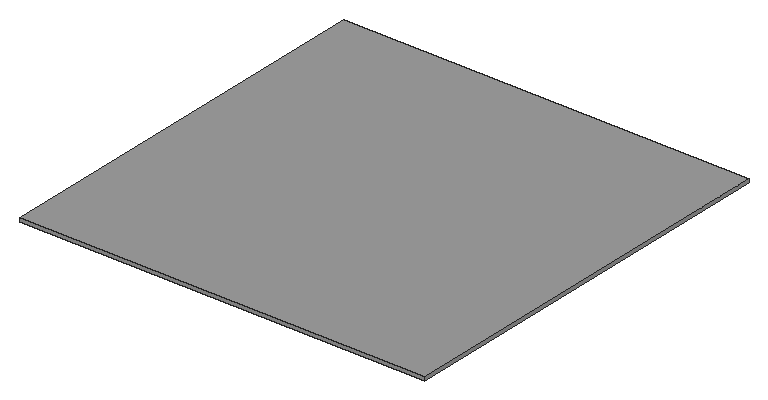
Revit family "WM-MN Suspended Ceiling 35mm Family", category Generic Models, host Ceiling, Revit 2017
Family settings
  Host = Ceiling
  Can host rebar = No
  Round Connector Dimension = Use Diameter
  Part Type = Normal
  Always vertical = Yes
  Cut with Voids When Loaded = No
  Shared = No
  Room Calculation Point = No
Parameters (values of type "Lambdaboard")
  Width = 4000 mm
  URL = "www.rigifoam.com"
  Type Comments = "duncan@rigifoam.com"
  Thermal Resistance = 1.4500 (m²·K)/W
  Thermal Conductivity = 0.0240 W/(m·K)
  Model = "WM/MN Suspended Ceiling 35mm"
  Material = Polyisicyanurate
  Manufacturer = "Lambdaboard"
  Length = 4000 mm
  Description = "Flexible PIR Insulation"
  Depth = 35 mm
  Density = 40.0000 kg/m³
Reference planes
  plane 1 "Center (Front/Back)": y = 0
  plane 2: z = 0
  plane 3 "Center (Left/Right)": x = 0
  plane 4 "Ceiling": z = 4000
Forms (mm)
  Extrusion 1, solid, material "Polyisicyanurate" <- "Material"
    sketch origin (0, 0, 4000) x (0, 1, 0) y (-1, 0, 0)
      loop
        line (2000, 2000) -> (-2000, 2000) -> (-2000, -2000) -> (2000, -2000) -> (2000, 2000)
    from -35 to 0
Dimensions and locks
  equal spacing: host sketch curve, plane 3 "Center (Left/Right)", host sketch curve
  equal spacing: host sketch curve, plane 1 "Center (Front/Back)", host sketch curve
  host sketch curve to host sketch curve = 4000 mm  (x2)
  plane 4 "Ceiling" to host ceiling = 0 mm
  equal spacing: Extrusion 1, plane 3 "Center (Left/Right)", Extrusion 1
  "Length": Extrusion 1 to Extrusion 1
  "Width": Extrusion 1 to Extrusion 1
  "Depth": Extrusion 1 to Extrusion 1
Automatic sketch dimensions
  plane 1 "Center (Front/Back)" to Extrusion 1 sketch curve = 2000 mm
  Extrusion 1 sketch curve to plane 1 "Center (Front/Back)" = 2000 mm
  plane 3 "Center (Left/Right)" to Extrusion 1 sketch curve = 2000 mm
  Extrusion 1 sketch curve to plane 3 "Center (Left/Right)" = 2000 mm
